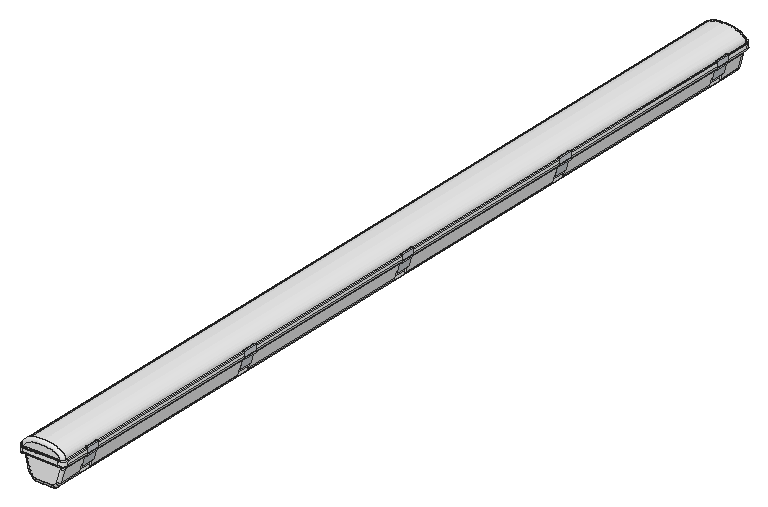
Revit family "0067973 Sylvania Lighting Fixture START Waterproof Single 1500 IP65 4000lm 840 QC", category Lighting Fixtures, host Face, Revit 2016
Family settings
  Host = Face
  Part Type = Normal
  Round Connector Dimension = Use Diameter
  OmniClass Number = 23.80.70.11.14
  OmniClass Title = General Luminaries, Directional
  Cut with Voids When Loaded = No
  Light Source = Yes
  Shared = No
  Room Calculation Point = No
Parameters (values of type "0067973 ST WTRPRF S 1500 IP65 4000LM 840 QC")
  Width = 84 mm
  Weight = "2.1 kg"
  Wattage Comments = "n/a"
  Wattage = 33 W
  WarrantyStartDate [instance] = "n/a"
  WarrantyGuarantorParts = "n/a"
  WarrantyDurationUnit = "n/a"
  WarrantyDurationParts = "n/a"
  WarrantyDescription = "n/a"
  built-in parameter 1150110 = 1 (stored number, unit not read)
  Voltage = 0 V
  URL = "http://www.sylvania-lighting.com"
  TypeName = "START Waterproof Single 1500 IP65 4000lm 840 QC"
  Type Image = <None>
  Type Comments = "n/a"
  built-in parameter 1114217 = 1 (stored number, unit not read)
  Tilt Angle = -90.00°
  built-in parameter 1150109 = 1 (stored number, unit not read)
  built-in parameter 1150134 = 12
  built-in parameter 1150113 = 1 (stored number, unit not read)
  SerialNumber [instance] = "n/a"
  ReflectorMaterial = none
  PowerFactor = 0
  PowerConsumption = "33 W"
  Photometric Web File = "0067973.ies"
  NominalWidth = 0 mm
  NominalLength = 1578 mm
  NominalHeight = 75 mm
  Name = "START Waterproof Single 1500 IP65 4000lm 840 QC"
  ModelReference = "START Waterproof Single 1500 IP65 4000lm 840 QC"
  ModelNumber = "0067973"
  Model = "START Waterproof Single 1500 IP65 4000lm 840 QC"
  Material = "polycarbonate housing, polycarbonate diffuser"
  ManufacturerName = "Feilo Sylvania"
  Manufacturer = "Feilo Sylvania"
  LuminousEfficacy = "119 lm/W"
  built-in parameter 1150105 = 312.5 (stored number, unit not read)
  Lumens = 3927 lm
  LuminaireType = ""
  built-in parameter 1150115 = 1 (stored number, unit not read)
  LightOutputRatio = "n/a"
  built-in parameter 1150137 = (empty or 0)
  built-in parameter 1150139 = (empty or 0)
  Length = 1572 mm
  LampsType = Lamp  # "LED"
  LampNominalLuminous = "3950 lm"
  LampMacAdamStep = "n/a"
  LampColourTemperature = "4000 K"
  LampColourRenderingIndex = "80"
  built-in parameter 1150112 = 1 (stored number, unit not read)
  built-in parameter 1150114 = 1 (stored number, unit not read)
  Lamp = "LED"
  Keynote = "16500"
  InstallationDate [instance] = "n/a"
  InputVoltage = "n/a"
  InputNominalFrequency = "n/a"
  built-in parameter 1150132 = (empty or 0)
  built-in parameter 1150102 = (empty or 0)
  built-in parameter 1150107 = 4000 (stored number, unit not read)
  built-in parameter 1150138 = (empty or 0)
  IngressProtection = "IP65"
  ImpactProtectionIndex = "IK08"
  built-in parameter 1150106 = 3.125 (stored number, unit not read)
  IfcExportType = "IfcLightFixtureType"
  IfcExportAs = "IfcLightFixtureType"
  ExpectedLife = 50000
  Emit from Rectangle Width = Width - 20 mm  # 64 mm
  Emit from Rectangle Length = Length - 20 mm  # 1552 mm
  Emit Shape Visible in Rendering = no
  ElectricShockClassification = "Class I"
  built-in parameter 1150104 = 11.055 (stored number, unit not read)
  DurationUnit = "hours"
  DocumentationLiterature = "http://www.sylvania-lighting.com/product/en-int/products/0067973"
  DimmingControlOptions = "n/a"
  Dimming Lamp Color Temperature Shift = <None>
  DiffuserMaterial = Diffuser-Sylvania-Transparent
  Description = ""
  Default Elevation = 1219.2 mm
  CreatedOn = "11/27/2018"
  CreatedBy = "@sylvania-lighting.com"
  Cost = 0
  Color Filter = 16777215
  built-in parameter 1114216 [instance] = (empty or 0)
  ClassificationValue = "EF_70_80"
  ClassificationName = "Uniclass2015"
  BodyMaterial = Body-Sylvania-Gray
  BarCode [instance] = "n/a"
  built-in parameter 1114218 = 1 (stored number, unit not read)
  built-in parameter 1150133 = 10 (stored number, unit not read)
  AssetType = "Fixed"
  AssetIdentifier [instance] = "n/a"
  Assembly Code = "D5020200"
  Apparent Load = 33 VA
  AccessoryMaterial = Diffuser-Sylvania-Glow
Reference planes
  plane 1 "Center (Front/Back)": y = 0
  plane 2: z = 0
  plane 3 "Center (Left/Right)": x = 0
  plane 4: z = 54
  plane 5: x = -14.7
  plane 6: x = -21.8
  plane 7: x = -26.6
  plane 8: x = -29.2
  plane 9: z = 3
  plane 10: z = 7.8
  plane 11: z = 12.3
  plane 12: z = 36.6
  plane 13: z = 42.8
  plane 14: x = -38.1
  plane 15: z = 46.2
  plane 16: x = -42
  plane 17: y = 786
  plane 18: y = -786
  plane 19: x = 14.7
  plane 20: x = 21.8
  plane 21: x = 26.6
  plane 22: x = 29.2
  plane 23: x = 38.1
  plane 24: x = 42
  plane 25: y = 778.4
  plane 26: y = -778.4
  plane 27: y = -774.7
  plane 28: y = 774.7
  plane 29: z = 74
  plane 30: x = -38.5
  plane 31: x = 38.5
  plane 32: z = 55.2
  plane 33: y = -782.5
  plane 34: y = 782.5
  plane 35: x = -24.5
  plane 36: x = 24.5
  plane 37: x = -35.7
  plane 38: x = 35.7
  plane 39: z = 50.2
  plane 40: z = 24.6
  plane 41: y = -720
  plane 42: y = -734
  plane 43: y = -706
  plane 44: y = 720
  plane 45: y = -720
  plane 46: y = -734
  plane 47: y = -706
  plane 48: y = 720
  plane 49: y = 706
  plane 50: y = 734
  plane 51: y = -360
  plane 52: y = -374
  plane 53: y = -346
  plane 54: y = 0
  plane 55: y = -14
  plane 56: y = 14
  plane 57: y = 360
  plane 58: y = 346
  plane 59: y = 374
Forms (mm)
  Sweep 1, solid, material "Body-Sylvania-Gray" <- "BodyMaterial", detail levels medium+fine
    path origin (1223.4, -4572, 54) x (0, -1, 0) y (1, 0, 0)
      loop
        arc (-3796, -1265.4) -> (-3788.929, -1262.471) -> (-3786, -1255.4) r 10
        line (-3786, -1255.4) -> (-3786, -1191.4)
        arc (-3786, -1191.4) -> (-3788.929, -1184.329) -> (-3796, -1181.4) r 10
        line (-3796, -1181.4) -> (-5348, -1181.4)
        arc (-5348, -1181.4) -> (-5355.071, -1184.329) -> (-5358, -1191.4) r 10
        line (-5358, -1191.4) -> (-5358, -1255.4)
        arc (-5358, -1255.4) -> (-5355.071, -1262.471) -> (-5348, -1265.4) r 10
        line (-5348, -1265.4) -> (-3796, -1265.4)
    profile origin (-42, 0, 54) x (-1, 0, 0) y (0, 0, 1)
      loop
        line (0, 0) -> (-1, 0) -> (-1, -7.726)
        arc (-1, -7.726) -> (-1.994, -9.498) -> (-3.9, -10.2) r 2.937
        line (-3.9, -10.2) -> (-8.571, -10.2) -> (-8.571, -11.2) -> (-3.9, -11.2)
        arc (-3.9, -11.2) -> (-1.313, -10.231) -> (0, -7.8) r 3.937
        line (0, -7.8) -> (0, 0)
  Sweep 2, solid, material "Body-Sylvania-Gray" <- "BodyMaterial", detail levels medium+fine
    path origin (0, 0, 0) x (1, 0, 0) y (0, 0, 1)
      loop
        line (35.7, 42.8) -> (35.7, 36.6) -> (29.203, 12.31)
        arc (29.203, 12.31) -> (28.199, 9.884) -> (26.6, 7.8) r 10.052
        line (26.6, 7.8) -> (21.8, 3)
        arc (21.8, 3) -> (18.554, 0.781) -> (14.7, 0) r 9.902
        line (14.7, 0) -> (0, 0) -> (-14.7, 0)
        arc (-14.7, 0) -> (-18.554, 0.781) -> (-21.8, 3) r 9.902
        line (-21.8, 3) -> (-26.6, 7.8)
        arc (-26.6, 7.8) -> (-28.199, 9.884) -> (-29.203, 12.31) r 10.052
        line (-29.203, 12.31) -> (-35.7, 36.6) -> (-35.7, 42.8)
    profile origin (0, 0, 0) x (0, 0, -1) y (0, -1, 0)
      loop
        arc (0, 773.4) -> (-1.464, 776.936) -> (-5, 778.4) r 5
        line (-5, 778.4) -> (-7.8, 778.4) -> (-7.8, -778.4) -> (-5, -778.4)
        arc (-5, -778.4) -> (-1.464, -776.936) -> (0, -773.4) r 5
        line (0, -773.4) -> (0, 773.4)
  Extrusion 3, solid, material "Body-Sylvania-Gray" <- "BodyMaterial", detail levels medium+fine
    sketch origin (1524, 778.4, 1219.2) x (1, 0, 0) y (0, 0, 1)
      loop
        arc (-1545.668, -1204.874) -> (-1545.443, -1205.418) -> (-1545.085, -1205.885) r 2.252
        line (-1545.085, -1205.885) -> (-1540.231, -1210.738)
        arc (-1540.231, -1210.738) -> (-1539.534, -1211.227) -> (-1538.7, -1211.4) r 2.102
        line (-1538.7, -1211.4) -> (-1509.3, -1211.4)
        arc (-1509.3, -1211.4) -> (-1508.466, -1211.227) -> (-1507.769, -1210.738) r 2.102
        line (-1507.769, -1210.738) -> (-1502.915, -1205.885)
        arc (-1502.915, -1205.885) -> (-1502.557, -1205.418) -> (-1502.332, -1204.874) r 2.252
        line (-1502.332, -1204.874) -> (-1496.1, -1181.575) -> (-1496.1, -1176.4) -> (-1551.9, -1176.4) -> (-1551.9, -1181.575) -> (-1545.668, -1204.874)
    from 0 to 1556.8
  Sweep 4, solid, material "Diffuser-Sylvania-Transparent" <- "DiffuserMaterial", detail levels medium+fine
    path origin (0, 0, 0) x (1, 0, 0) y (0, 0, 1)
      loop
        spline (-38.5, 55.2) -> (-37.188, 60.066) -> (-33.342, 64.6) -> (-27.224, 68.494) -> (-19.25, 71.481) -> (-9.965, 73.359) -> (0, 74) -> (9.965, 73.359) -> (19.25, 71.481) -> (27.224, 68.494) -> (33.342, 64.6) -> (37.188, 60.066) -> (38.5, 55.2)
    profile origin (38.5, 0, 55.2) x (0, -1, 0) y (1, 0, 0)
      loop
        arc (782.5, -5.5) -> (780.889, -1.611) -> (777, 0) r 5.5
        line (777, 0) -> (-777, 0)
        arc (-777, 0) -> (-780.889, -1.611) -> (-782.5, -5.5) r 5.5
        line (-782.5, -5.5) -> (-782.5, -6.3) -> (-781.5, -6.3) -> (-781.5, -5.5)
        arc (-781.5, -5.5) -> (-780.182, -2.318) -> (-777, -1) r 4.5
        line (-777, -1) -> (777, -1)
        arc (777, -1) -> (780.182, -2.318) -> (781.5, -5.5) r 4.5
        line (781.5, -5.5) -> (781.5, -6.347) -> (782.5, -6.347) -> (782.5, -5.5)
  Extrusion 5, solid, material "Diffuser-Sylvania-Transparent" <- "DiffuserMaterial", detail levels medium+fine
    sketch origin (1524, -782.5, 1219.2) x (1, 0, 0) y (0, 0, 1)
      loop
        line (-1556.653, -1164) -> (-1491.347, -1164)
        spline (-1491.347, -1164) -> (-1491.939, -1161.945) -> (-1494.434, -1159.066) -> (-1499.342, -1155.96) -> (-1506.338, -1153.35) -> (-1514.799, -1151.648) -> (-1524, -1151.047) -> (-1533.201, -1151.648) -> (-1541.662, -1153.35) -> (-1548.658, -1155.96) -> (-1553.566, -1159.066) -> (-1556.061, -1161.945) -> (-1556.653, -1164)
    from 0 to -1
  Extrusion 6, solid, material "Diffuser-Sylvania-Transparent" <- "DiffuserMaterial", detail levels medium+fine
    sketch origin (1524, 782.5, 1219.2) x (1, 0, 0) y (0, 0, 1)
      loop
        spline (-1491.3, -1164) -> (-1491.898, -1161.922) -> (-1494.404, -1159.03) -> (-1499.322, -1155.918) -> (-1506.325, -1153.305) -> (-1514.793, -1151.602) -> (-1524, -1151) -> (-1533.207, -1151.602) -> (-1541.675, -1153.305) -> (-1548.678, -1155.918) -> (-1553.596, -1159.03) -> (-1556.102, -1161.922) -> (-1556.7, -1164)
        line (-1556.7, -1164) -> (-1491.3, -1164)
    from 0 to 1
  Extrusion 7, solid, material "Diffuser-Sylvania-Glow" <- "AccessoryMaterial", detail levels fine
    sketch origin (0, 0, 0) x (1, 0, 0) y (0, 0, 1)
      loop
        circle (0, 50.2) r 8
    from -774.7 to 774.7
  Extrusion 8, void
    sketch origin (0, -720, 2343.807) x (0, 0, -1) y (-1, 0, 0)
      loop
        line (2340.807, -24.5) -> (2331.507, -24.5) -> (2319.207, -29.2) -> (2319.207, -35.7) -> (2340.807, -35.7) -> (2340.807, -24.5)
      loop
        line (2340.807, 24.5) -> (2340.807, 35.7) -> (2319.207, 35.7) -> (2319.207, 29.2) -> (2331.507, 24.5) -> (2340.807, 24.5)
    from 14 to -14
  Extrusion 9, void, not visible
    sketch origin (0, -720, 2343.807) x (0, 0, -1) y (-1, 0, 0)
      loop
        line (2340.807, -24.5) -> (2331.507, -24.5) -> (2319.207, -29.2) -> (2319.207, -35.7) -> (2340.807, -35.7) -> (2340.807, -24.5)
      loop
        line (2340.807, 24.5) -> (2340.807, 35.7) -> (2319.207, 35.7) -> (2319.207, 29.2) -> (2331.507, 24.5) -> (2340.807, 24.5)
    from 14 to -14
  Extrusion 10, void
    sketch origin (0, 720, 2343.807) x (0, 0, -1) y (-1, 0, 0)
      loop
        line (2340.807, -24.5) -> (2331.507, -24.5) -> (2319.207, -29.2) -> (2319.207, -35.7) -> (2340.807, -35.7) -> (2340.807, -24.5)
      loop
        line (2340.807, 24.5) -> (2340.807, 35.7) -> (2319.207, 35.7) -> (2319.207, 29.2) -> (2331.507, 24.5) -> (2340.807, 24.5)
    from 14 to -14
  Extrusion 11, void
    sketch origin (0, -360, 2343.807) x (0, 0, -1) y (-1, 0, 0)
      loop
        line (2340.807, -24.5) -> (2331.507, -24.5) -> (2319.207, -29.2) -> (2319.207, -35.7) -> (2340.807, -35.7) -> (2340.807, -24.5)
      loop
        line (2340.807, 24.5) -> (2340.807, 35.7) -> (2319.207, 35.7) -> (2319.207, 29.2) -> (2331.507, 24.5) -> (2340.807, 24.5)
    from 14 to -14
  Extrusion 12, void
    sketch origin (0, 0, 2343.807) x (0, 0, -1) y (-1, 0, 0)
      loop
        line (2340.807, -24.5) -> (2331.507, -24.5) -> (2319.207, -29.2) -> (2319.207, -35.7) -> (2340.807, -35.7) -> (2340.807, -24.5)
      loop
        line (2340.807, 24.5) -> (2340.807, 35.7) -> (2319.207, 35.7) -> (2319.207, 29.2) -> (2331.507, 24.5) -> (2340.807, 24.5)
    from 14 to -14
  Extrusion 13, void
    sketch origin (0, 360, 2343.807) x (0, 0, -1) y (-1, 0, 0)
      loop
        line (2340.807, -24.5) -> (2331.507, -24.5) -> (2319.207, -29.2) -> (2319.207, -35.7) -> (2340.807, -35.7) -> (2340.807, -24.5)
      loop
        line (2340.807, 24.5) -> (2340.807, 35.7) -> (2319.207, 35.7) -> (2319.207, 29.2) -> (2331.507, 24.5) -> (2340.807, 24.5)
    from 14 to -14
  Extrusion 14, solid, material "Diffuser-Sylvania-Transparent" <- "DiffuserMaterial", detail levels medium+fine
    sketch origin (1223.4, -4572, 54) x (0, -1, 0) y (-1, 0, 0)
      loop
        arc (-5348, 1265.4) -> (-5355.071, 1262.471) -> (-5358, 1255.4) r 10
        line (-5358, 1255.4) -> (-5358, 1191.4)
        arc (-5358, 1191.4) -> (-5355.071, 1184.329) -> (-5348, 1181.4) r 10
        line (-5348, 1181.4) -> (-3796, 1181.4)
        arc (-3796, 1181.4) -> (-3788.929, 1184.329) -> (-3786, 1191.4) r 10
        line (-3786, 1191.4) -> (-3786, 1255.4)
        arc (-3786, 1255.4) -> (-3788.929, 1262.471) -> (-3796, 1265.4) r 10
        line (-3796, 1265.4) -> (-5348, 1265.4)
      loop
        arc (-5354.5, 1190.394) -> (-5352.887, 1186.509) -> (-5349, 1184.9) r 5.5
        line (-5349, 1184.9) -> (-3795, 1184.9)
        arc (-3795, 1184.9) -> (-3791.113, 1186.509) -> (-3789.5, 1190.394) r 5.5
        line (-3789.5, 1190.394) -> (-3789.5, 1256.406)
        arc (-3789.5, 1256.406) -> (-3791.113, 1260.291) -> (-3795, 1261.9) r 5.5
        line (-3795, 1261.9) -> (-5349, 1261.9)
        arc (-5349, 1261.9) -> (-5352.887, 1260.291) -> (-5354.5, 1256.406) r 5.5
        line (-5354.5, 1256.406) -> (-5354.5, 1190.394)
    from 0 to -1.2
  Extrusion 15, solid, material "Body-Sylvania-Gray" <- "BodyMaterial", detail levels coarse
    sketch origin (0, 0, 0) x (1, 0, 0) y (0, 0, 1)
      loop
        line (-42, 55.2) -> (-42, 42.8) -> (-26.6, 0) -> (26.6, 0) -> (42, 42.8) -> (42, 55.2) -> (-42, 55.2)
    from -786 to 786
  Extrusion 16, solid, material "Diffuser-Sylvania-Transparent" <- "DiffuserMaterial", detail levels coarse
    sketch origin (0, 0, 0) x (1, 0, 0) y (0, 0, 1)
      loop
        line (-38.5, 55.2) -> (38.5, 55.2)
        arc (38.5, 55.2) -> (0, 74) -> (-38.5, 55.2) r 48.822
    from -778.4 to 778.4
Cuts and joins
  Extrusion 8, Extrusion 10, Extrusion 11, Extrusion 12, Extrusion 13 cuts Sweep 2
  Extrusion 8, Extrusion 10, Extrusion 11, Extrusion 12, Extrusion 13 cuts Extrusion 3
  joined: Sweep 2, Extrusion 3
  joined: Sweep 4, Extrusion 5, Extrusion 6, Extrusion 14
Dimensions and locks
  locked: plane 4 to plane 2 at 54
  plane 5 to plane 6 to plane 7 to plane 8 to plane 14 to plane 16 = 7.1 mm locked, 4.8 mm locked, 2.6 mm locked, 8.9 mm locked, 3.9 mm locked
  plane 4 to plane 15 to plane 13 to plane 12 to plane 11 to plane 10 to plane 9 = 7.8 mm locked, 3.4 mm, 6.2 mm locked, 24.3 mm locked, 4.5 mm locked, 4.8 mm locked
  equal spacing: plane 18, plane 1 "Center (Front/Back)", plane 17
  "Length": plane 18 to plane 17
  plane 19 to plane 20 to plane 21 to plane 22 to plane 23 to plane 24 = 7.1 mm locked, 4.8 mm locked, 2.6 mm locked, 8.9 mm, 3.9 mm
  equal spacing: plane 24, plane 3 "Center (Left/Right)", plane 16
  "Width": plane 24 to plane 16
  equal spacing: plane 27, plane 1 "Center (Front/Back)", plane 28
  locked: plane 26 to plane 27 at 3.7
  locked: Sweep 1 sketch curve to profile plane at 1
  locked: Sweep 1 sketch curve to plane 13 at 1
  locked: Sweep 1 sketch curve to plane 13 at 3.937  (x2)
  locked: Sweep 1 sketch curve to profile plane at 3.9  (x2)
  plane 29 to plane 4 = 20 mm
  equal spacing: plane 31, plane 3 "Center (Left/Right)", plane 30
  locked: plane 30 to plane 16 at 3.5
  locked: plane 32 to plane 4 at 1.2
  equal spacing: plane 33, plane 1 "Center (Front/Back)", plane 34
  equal spacing: plane 36, plane 3 "Center (Left/Right)", plane 35
  locked: plane 34 to plane 17 at 3.5
  equal spacing: plane 38, plane 3 "Center (Left/Right)", plane 37
  locked: plane 37 to plane 16 at 6.3
  equal spacing: plane 25, plane 1 "Center (Front/Back)", plane 26
  locked: plane 17 to plane 25 at 7.6
  locked: Sweep 2 sketch curve to plane 2 at 5  (x2)
  locked: Sweep 2 sketch curve to plane 26 at 5
  locked: plane 25 to Sweep 2 sketch curve at 5
  locked: Sweep 4 sketch curve to plane 31 at 5.5  (x2)
  locked: Sweep 4 sketch curve to plane 34 at 5.5
  plane 33 to Sweep 4 sketch curve = 5.5 mm
  locked: plane 34 to Sweep 4 sketch curve at 1
  locked: Sweep 4 sketch curve to plane 31 at 1
  locked: Sweep 4 sketch curve to Sweep 4 sketch curve at 1
  locked: Sweep 4 sketch curve to plane 31 at 6.347
  locked: Sweep 4 sketch curve to plane 31 at 6.3
  locked: plane 40 to plane 2 at 24.6
  locked: plane 6 to plane 35 at 2.7
  locked: plane 1 "Center (Front/Back)" to plane 41 at 720
  plane 43 to plane 41 to plane 42 = 14 mm locked, 14 mm locked
  locked: plane 44 to plane 1 "Center (Front/Back)" at 720
  plane 47 to plane 45 to plane 46 = 14 mm locked, 14 mm locked
  plane 50 to plane 48 to plane 49 = 14 mm locked, 14 mm locked  (x2)
  equal spacing: group 1, group 6, group 7, group 8, group 5  (x3)
  plane 53 to plane 51 to plane 52 = 14 mm locked, 14 mm locked  (x2)
  plane 56 to plane 54 to plane 55 = 14 mm locked, 14 mm locked  (x2)
  plane 59 to plane 57 to plane 58 = 14 mm locked, 14 mm locked  (x2)
  plane 48 to plane 57 to plane 1 "Center (Front/Back)" to plane 51 to plane 41 = 360 mm locked, 360 mm locked, 360 mm locked, 360 mm locked
  aligned and locked: plane 2 to host face
  aligned and locked: level to host face
  aligned and locked: plane 16 to Sweep 1 sketch curve
  aligned and locked: Sweep 1 sketch curve to plane 24
  aligned and locked: plane 18 to Sweep 1 sketch curve
  aligned and locked: Sweep 1 sketch curve to plane 13
  aligned and locked: profile plane to Sweep 1 sketch curve
  aligned and locked: plane 3 "Center (Left/Right)" to Sweep 2 sketch curve
  aligned and locked: plane 9 to Sweep 2 sketch curve
  aligned and locked: plane 10 to Sweep 2 sketch curve
  aligned and locked: plane 37 to Sweep 2 sketch curve
  aligned and locked: plane 12 to Sweep 2 sketch curve
  aligned and locked: Sweep 2 sketch curve to level
  aligned and locked: plane 21 to Sweep 2 sketch curve
  aligned and locked: plane 38 to Sweep 2 sketch curve
  aligned and locked: profile plane to Sweep 2 sketch curve
  aligned and locked: plane 25 to Sweep 2 sketch curve
  aligned and locked: Sweep 2 sketch curve to plane 10
  aligned and locked: Extrusion 3 sketch curve to Sweep 2  (x7)
  aligned and locked: Sweep 2 to Extrusion 3 sketch curve
  aligned and locked: Extrusion 3 to plane 25
  aligned and locked: plane 26 to Extrusion 3
  aligned and locked: plane 32 to Sweep 4 sketch curve
  aligned and locked: plane 33 to Sweep 4 sketch curve
  aligned and locked: Sweep 4 to Extrusion 5
  aligned and locked: plane 33 to Extrusion 5
  aligned and locked: plane 39 to Extrusion 7 sketch curve
  aligned and locked: plane 27 to Extrusion 7
  aligned and locked: Extrusion 7 to plane 28
  aligned and locked: Extrusion 6 sketch curve to Sweep 4
  aligned and locked: Extrusion 5 sketch curve to Sweep 4
  aligned and locked: Extrusion 8 to plane 43
  aligned and locked: plane 42 to Extrusion 8
  aligned and locked: Extrusion 10 to plane 50
  aligned and locked: plane 49 to Extrusion 10
  aligned and locked: Extrusion 11 to plane 53
  aligned and locked: plane 52 to Extrusion 11
  aligned and locked: Extrusion 12 to plane 56
  aligned and locked: plane 55 to Extrusion 12
  aligned and locked: Extrusion 13 to plane 59
  aligned and locked: plane 58 to Extrusion 13
  aligned and locked: plane 3 "Center (Left/Right)" to Extrusion 7 sketch curve
  aligned and locked: Extrusion 14 sketch curve to Sweep 1  (x4)
  aligned and locked: Extrusion 14 to plane 32
  aligned and locked: plane 4 to Extrusion 14
  aligned and locked: plane 48 to nested 1
  aligned and locked: plane 57 to nested 2
  aligned and locked: plane 54 to nested 3
  aligned and locked: nested 4 to plane 51
  aligned and locked: nested 5 to plane 41
  aligned and locked: plane 41 to nested 10
  aligned and locked: plane 51 to nested 9
  aligned and locked: plane 54 to nested 8
  aligned and locked: plane 57 to nested 7
  aligned and locked: plane 48 to nested 6
  aligned and locked: plane 1 "Center (Front/Back)" to imposter light
  aligned and locked: plane 3 "Center (Left/Right)" to imposter light
  aligned and locked: imposter light to plane 29
  aligned and locked: plane 7 to Extrusion 15 sketch curve
  aligned and locked: plane 2 to Extrusion 15 sketch curve
  aligned and locked: Extrusion 15 sketch curve to nested 6
  aligned and locked: Extrusion 15 sketch curve to nested 1
  aligned and locked: plane 18 to Extrusion 15
  aligned and locked: Extrusion 15 to plane 17
  aligned and locked: Extrusion 15 to Sweep 1  (x2)
  aligned and locked: plane 30 to Extrusion 16 sketch curve
  aligned and locked: plane 31 to Extrusion 16 sketch curve
  aligned and locked: Extrusion 16 sketch curve to cut or joined group of Sweep 4, Extrusion 5, Extrusion 6, Extrusion 14
  aligned and locked: Extrusion 16 to plane 25
  aligned and locked: plane 26 to Extrusion 16
Automatic sketch dimensions
  host sketch curve to host sketch curve = 2438.4 mm  (x2)
  plane 17 to Sweep 1 sketch curve = 0 mm
  Sweep 1 sketch curve to plane 28 = 1.3 mm
  Sweep 1 sketch curve to plane 7 = 5.4 mm
  plane 27 to Sweep 1 sketch curve = 1.3 mm  (x2)
  Sweep 1 sketch curve to Sweep 1 sketch curve = 4.671 mm
  Sweep 1 sketch curve to plane 4 = 0 mm
  Sweep 2 sketch curve to plane 7 = 0 mm
  Sweep 2 sketch curve to plane 6 = 0 mm
  Sweep 2 sketch curve to plane 5 = 0 mm
  plane 19 to Sweep 2 sketch curve = 0 mm
  Sweep 2 sketch curve to plane 9 = 0 mm
  plane 20 to Sweep 2 sketch curve = 0 mm
  Sweep 2 sketch curve to plane 12 = 0 mm
  Sweep 2 sketch curve to plane 10 = 0 mm
  Sweep 2 sketch curve to plane 13 = 0 mm  (x2)
  Sweep 2 sketch curve to plane 8 = 0.003 mm
  plane 6 to Sweep 2 sketch curve = 2.308 mm
  plane 20 to Sweep 2 sketch curve = 2.308 mm
  Sweep 2 sketch curve to plane 22 = 0.003 mm
  Sweep 2 sketch curve to plane 11 = 0.01 mm  (x2)
  Extrusion 3 sketch curve to plane 5 = 0 mm
  plane 19 to Extrusion 3 sketch curve = 0 mm
  plane 6 to Extrusion 3 sketch curve = 0.132 mm
  plane 6 to Extrusion 3 sketch curve = 0.715 mm
  Extrusion 3 sketch curve to Extrusion 3 sketch curve = 1.592 mm
  Extrusion 3 sketch curve to plane 10 = 0.662 mm  (x2)
  plane 20 to Extrusion 3 sketch curve = 2.308 mm
  plane 20 to Extrusion 3 sketch curve = 0.715 mm
  plane 20 to Extrusion 3 sketch curve = 0.132 mm
  Sweep 4 sketch curve to plane 30 = 0 mm
  Sweep 4 sketch curve to plane 3 "Center (Left/Right)" = 0 mm
  Sweep 4 sketch curve to Sweep 4 sketch curve = 0 mm  (x2)
  plane 37 to Extrusion 6 sketch curve = 3 mm
  Extrusion 6 sketch curve to plane 38 = 3 mm
  plane 37 to Extrusion 5 sketch curve = 3.047 mm
  Extrusion 5 sketch curve to plane 38 = 3.047 mm
  Extrusion 8 sketch curve to Extrusion 8 sketch curve = 0 mm
  Extrusion 8 sketch curve to Extrusion 8 sketch curve = 12.3 mm  (x2)
  Extrusion 8 sketch curve to Extrusion 8 sketch curve = 9.3 mm  (x2)
  Extrusion 8 sketch curve to Extrusion 8 sketch curve = 6.5 mm  (x2)
  Extrusion 8 sketch curve to Extrusion 8 sketch curve = 4.7 mm  (x2)
  Extrusion 8 sketch curve to Extrusion 8 sketch curve = 49 mm
  Extrusion 9 sketch curve to Extrusion 9 sketch curve = 0 mm
  Extrusion 9 sketch curve to Extrusion 9 sketch curve = 12.3 mm  (x2)
  Extrusion 9 sketch curve to Extrusion 9 sketch curve = 9.3 mm  (x2)
  Extrusion 9 sketch curve to Extrusion 9 sketch curve = 6.5 mm  (x2)
  Extrusion 9 sketch curve to Extrusion 9 sketch curve = 4.7 mm  (x2)
  Extrusion 9 sketch curve to Extrusion 9 sketch curve = 49 mm
  Extrusion 10 sketch curve to Extrusion 10 sketch curve = 0 mm
  Extrusion 10 sketch curve to Extrusion 10 sketch curve = 12.3 mm  (x2)
  Extrusion 10 sketch curve to Extrusion 10 sketch curve = 9.3 mm  (x2)
  Extrusion 10 sketch curve to Extrusion 10 sketch curve = 6.5 mm  (x2)
  Extrusion 10 sketch curve to Extrusion 10 sketch curve = 4.7 mm  (x2)
  Extrusion 10 sketch curve to Extrusion 10 sketch curve = 49 mm
  Extrusion 11 sketch curve to Extrusion 11 sketch curve = 0 mm
  Extrusion 11 sketch curve to Extrusion 11 sketch curve = 12.3 mm  (x2)
  Extrusion 11 sketch curve to Extrusion 11 sketch curve = 9.3 mm  (x2)
  Extrusion 11 sketch curve to Extrusion 11 sketch curve = 6.5 mm  (x2)
  Extrusion 11 sketch curve to Extrusion 11 sketch curve = 4.7 mm  (x2)
  Extrusion 11 sketch curve to Extrusion 11 sketch curve = 49 mm
  Extrusion 12 sketch curve to Extrusion 12 sketch curve = 0 mm
  Extrusion 12 sketch curve to Extrusion 12 sketch curve = 12.3 mm  (x2)
  Extrusion 12 sketch curve to Extrusion 12 sketch curve = 9.3 mm  (x2)
  Extrusion 12 sketch curve to Extrusion 12 sketch curve = 6.5 mm  (x2)
  Extrusion 12 sketch curve to Extrusion 12 sketch curve = 4.7 mm  (x2)
  Extrusion 12 sketch curve to Extrusion 12 sketch curve = 49 mm
  Extrusion 13 sketch curve to Extrusion 13 sketch curve = 0 mm
  Extrusion 13 sketch curve to Extrusion 13 sketch curve = 12.3 mm  (x2)
  Extrusion 13 sketch curve to Extrusion 13 sketch curve = 9.3 mm  (x2)
  Extrusion 13 sketch curve to Extrusion 13 sketch curve = 6.5 mm  (x2)
  Extrusion 13 sketch curve to Extrusion 13 sketch curve = 4.7 mm  (x2)
  Extrusion 13 sketch curve to Extrusion 13 sketch curve = 49 mm
  Extrusion 14 sketch curve to plane 34 = 0 mm
  plane 30 to Extrusion 14 sketch curve = 0 mm
  Extrusion 14 sketch curve to plane 31 = 0 mm
  plane 33 to Extrusion 14 sketch curve = 0 mm
  plane 25 to Extrusion 14 sketch curve = 1.4 mm  (x4)
  Extrusion 14 sketch curve to plane 26 = 1.4 mm  (x4)
  plane 37 to Extrusion 14 sketch curve = 2.694 mm  (x2)
  Extrusion 14 sketch curve to plane 38 = 2.694 mm  (x2)
  plane 21 to Extrusion 15 sketch curve = 0 mm
  Extrusion 15 sketch curve to plane 13 = 0 mm  (x2)
  Extrusion 15 sketch curve to plane 32 = 0 mm
  Extrusion 16 sketch curve to plane 40 = 0.578 mm
  radius of Extrusion 7 sketch curve = 8 mm
Nested families
  nested 1: "Clip" at (-29.2, 720, 24.6) x (-1, 0, 0) z (0, 0, 1), type "Clip", detail levels fine
  nested 2: "Clip" at (-29.2, 360, 24.6) x (-1, 0, 0) z (0, 0, 1), type "Clip", detail levels fine
  nested 3: "Clip" at (-29.2, 0, 24.6) x (-1, 0, 0) z (0, 0, 1), type "Clip", detail levels fine
  nested 4: "Clip" at (-29.2, -360, 24.6) x (-1, 0, 0) z (0, 0, 1), type "Clip", detail levels fine
  nested 5: "Clip" at (-29.2, -720, 24.6) x (-1, 0, 0) z (0, 0, 1), type "Clip", detail levels fine
  nested 6: "Clip" at (29.2, 720, 24.6), type "Clip", detail levels fine
  nested 7: "Clip" at (29.2, 360, 24.6), type "Clip", detail levels fine
  nested 8: "Clip" at (29.2, 0, 24.6), type "Clip", detail levels fine
  nested 9: "Clip" at (29.2, -360, 24.6), type "Clip", detail levels fine
  nested 10: "Clip" at (29.2, -720, 24.6), type "Clip", detail levels fine
Connectors
  electrical at (0, 0, 0), driven by "Apparent Load"
    settings: index 1, voltage 230 V, apparent load 33 VA, apparent load phase1 0 VA, apparent load phase2 0 VA, apparent load phase3 0 VA, power factor 0, load classification "Lighting", number of poles 1, system type 30, power factor state 1, is connector primary yes, connector utility no, sub classification motor no, connector description ""
Definition of nested family "Clip"
  Parameters (values of type "Clip")
    URL = "http://www.feilosylvania.com"
    Type Comments = "n/a"
    Model = "n/a"
    Manufacturer = "Feilo Sylvania"
    Keynote = "n/a"
    Description = "n/a"
    Default Elevation = 1219.2 mm
    Cost = 0
    BodyMaterial = none
    Assembly Code = "n/a"
  Reference planes
    plane 1 "Center (Front/Back)": y = 0
    plane 2: z = 0
    plane 3 "Center (Left/Right)": x = 0
    plane 4: x = 3.3
    plane 5: x = 6.5
    plane 6: x = 8.9
    plane 7: x = 12.8
    plane 8: z = 12
    plane 9: z = 18.2
    plane 10: z = 21.6
    plane 11: z = 30.6
    plane 12: x = 9.3
    plane 13: z = 19.2
    plane 14: z = 16.2
    plane 15: x = 10.1
    plane 16: y = 12
    plane 17: y = -12
  Forms (mm)
    Extrusion 1, solid
      sketch origin (-0.8, 0, 0) x (1, 0, 0) y (0, 1, 0)
        loop
          line (-1219.2, 1219.2) -> (-1219.2, -1219.2) -> (1219.2, -1219.2) -> (1219.2, 1219.2) -> (-1219.2, 1219.2)
      from 0 to -304.8
    Extrusion 2, solid
      sketch origin (0, 0, 0) x (1, 0, 0) y (0, 0, 1)
        loop
          line (8.9, 16.2) -> (4.58, 0) -> (0, 0) -> (0, -0.8) -> (5.195, -0.8) -> (9.603, 15.731) -> (13.6, 18.806) -> (13.6, 30.6)
          arc (13.6, 30.6) -> (11.45, 32.75) -> (9.3, 30.6) r 2.15
          line (9.3, 30.6) -> (10.1, 30.6)
          arc (10.1, 30.6) -> (11.45, 31.95) -> (12.8, 30.6) r 1.35
          line (12.8, 30.6) -> (12.8, 19.2) -> (8.9, 16.2)
      from -12 to 12
  Lines and regions (mm)
    reference lines
      curve 1: line (3.3, 0, 0) -> (6.5, 0, 12)
      curve 2: arc (8.9, 0, 18.2) -> (11.488, 0, 19.169) -> (12.8, 0, 21.6) r 3.934
  Dimensions and locks
    plane 7 to plane 6 to plane 5 to plane 4 to plane 3 "Center (Left/Right)" = 3.9 mm locked, 2.4 mm locked, 3.2 mm locked, 3.3 mm locked
    plane 11 to plane 10 to plane 9 to plane 8 to plane 2 = 9 mm locked, 3.4 mm locked, 6.2 mm locked, 12 mm locked
    locked: plane 7 to plane 12 at 3.5
    locked: plane 13 to plane 9 at 1
    locked: plane 9 to plane 14 at 2
    locked: plane 15 to plane 12 at 0.8
    locked: plane 2 to Extrusion 2 sketch curve at 0.8
    locked: Extrusion 2 sketch curve to Extrusion 2 sketch curve at 0.8  (x3)
    locked: plane 7 to Extrusion 2 sketch curve at 1.35
    equal spacing: plane 17, plane 1 "Center (Front/Back)", plane 16
    locked: plane 1 "Center (Front/Back)" to plane 16 at 12
    aligned and locked: plane 2 to Extrusion 1
    aligned and locked: level to Extrusion 1
    aligned and locked: plane 4 to curve 1
    aligned and locked: plane 5 to curve 1
    aligned and locked: plane 6 to curve 2
    aligned and locked: plane 10 to curve 2
    aligned and locked: plane 14 to Extrusion 2 sketch curve
    aligned and locked: plane 13 to Extrusion 2 sketch curve
    aligned and locked: plane 7 to Extrusion 2 sketch curve
    aligned and locked: plane 3 "Center (Left/Right)" to Extrusion 2 sketch curve
    aligned and locked: Extrusion 2 sketch curve to level
    aligned and locked: Extrusion 2 sketch curve to plane 11
    aligned and locked: plane 11 to Extrusion 2 sketch curve
    aligned and locked: Extrusion 2 to plane 16
    aligned and locked: plane 17 to Extrusion 2
  Automatic sketch dimensions
    Extrusion 1 sketch curve to Extrusion 1 sketch curve = 2438.4 mm  (x2)
    curve 2 to plane 7 = 0 mm
    curve 1 to level = 0 mm
    curve 1 to plane 8 = 0 mm
    curve 2 to plane 9 = 0 mm
    plane 6 to curve 2 = 0.002 mm
    Extrusion 2 sketch curve to Extrusion 2 sketch curve = 0 mm
    Extrusion 2 sketch curve to plane 6 = 0 mm
    plane 4 to Extrusion 2 sketch curve = 1.28 mm
